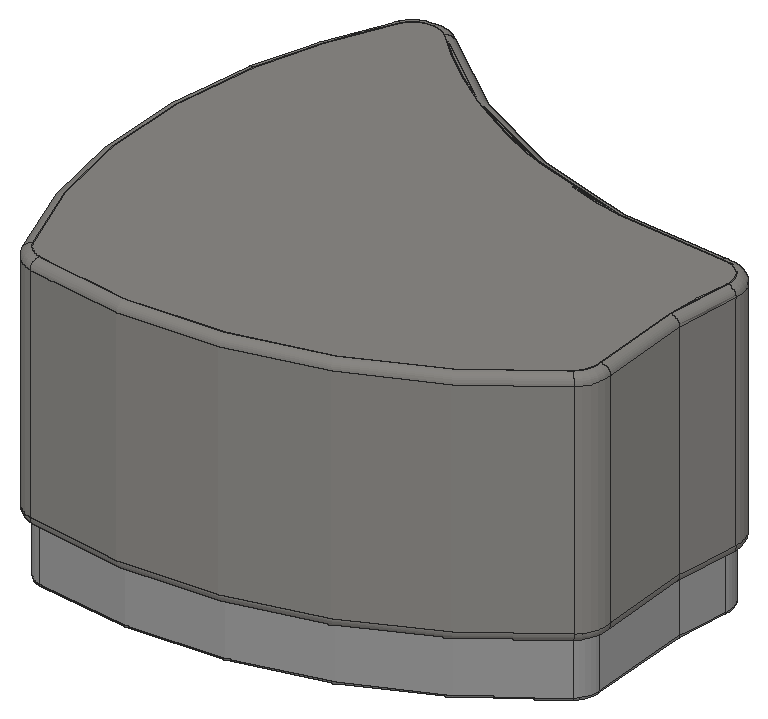
Revit family "900S Shapes", category Generic Models, Revit 2018
Family settings
  Can host rebar = No
  Round Connector Dimension = Use Diameter
  Part Type = Normal
  Work Plane-Based = No
  Always vertical = Yes
  Cut with Voids When Loaded = No
  Shared = No
  Room Calculation Point = No
Parameters
  Fabric = 900S Shapes Fabric
Reference planes (in)
  plane 1 "Center (Front/Back)": y = 0
  plane 2: z = 0
  plane 3 "Center (Left/Right)": x = 0
Forms (in)
  Revolve 1, solid, material "900S Shapes Gliders"
    sketch origin (0.00651, -9.29637, 0) x (1, 0, 0) y (0, 0, 1)
      loop
        arc (-7.96729, 0) -> (-7.62796, 0.14543) -> (-7.52516, 0.5) r 0.43167
        line (-7.52516, 0.5) -> (-7.96729, 0.5) -> (-7.96729, 0)
      axis (-7.96729, 0.5) -> (-7.96729, 0)
    angle from 0 to 360
  Revolve 2, solid, material "900S Shapes Gliders"
    sketch origin (21.48339, -3.49446, 0) x (1, 0, 0) y (0, 0, 1)
      loop
        arc (-7.96729, 0) -> (-7.62796, 0.14543) -> (-7.52516, 0.5) r 0.43167
        line (-7.52516, 0.5) -> (-7.96729, 0.5) -> (-7.96729, 0)
      axis (-7.96729, 0.5) -> (-7.96729, 0)
    angle from 0 to 360
  Revolve 3, solid, material "900S Shapes Gliders"
    sketch origin (21.38657, 4.59478, 0) x (1, 0, 0) y (0, 0, 1)
      loop
        arc (-7.96729, 0) -> (-7.62796, 0.14543) -> (-7.52516, 0.5) r 0.43167
        line (-7.52516, 0.5) -> (-7.96729, 0.5) -> (-7.96729, 0)
      axis (-7.96729, 0.5) -> (-7.96729, 0)
    angle from 0 to 360
  Revolve 4, solid, material "900S Shapes Gliders"
    sketch origin (0.00189, 12.3835, 0) x (1, 0, 0) y (0, 0, 1)
      loop
        arc (-7.96729, 0) -> (-7.62796, 0.14543) -> (-7.52516, 0.5) r 0.43167
        line (-7.52516, 0.5) -> (-7.96729, 0.5) -> (-7.96729, 0)
      axis (-7.96729, 0.5) -> (-7.96729, 0)
    angle from 0 to 360
  Extrusion 5, solid, material "900S Shapes Base"
    sketch origin (0, 0, 0) x (1, 0, 0) y (0, 1, 0)
      loop
        arc (-9.29589, 13.99086) -> (-10.7379, 10.67942) -> (-11.6992, 7.1979) r 25.58325
        arc (-11.6992, 7.1979) -> (-12.04307, -1.77809) -> (-9.53793, -10.40427) r 28.10984
        arc (-9.53793, -10.40427) -> (-9.17406, -10.85683) -> (-8.64513, -11.09651) r 1.2518
        arc (-8.64513, -11.09651) -> (3.93696, -10.63712) -> (15.0326, -4.68676) r 27.86619
        arc (15.0326, -4.68676) -> (15.3822, -4.16446) -> (15.44266, -3.53887) r 1.28652
        arc (15.44266, -3.53887) -> (15.14707, -0.67551) -> (15.12478, 2.20299) r 30.27405
        arc (15.12478, 2.20299) -> (15.22648, 3.61279) -> (15.38852, 5.01694) r 32.97082
        arc (15.38852, 5.01694) -> (15.09173, 6.09133) -> (14.0653, 6.52591) r 1.28027
        arc (14.0653, 6.52591) -> (2.59685, 8.26447) -> (-7.28528, 14.3383) r 29.14573
        arc (-7.28528, 14.3383) -> (-8.36718, 14.60782) -> (-9.29589, 13.99086) r 1.38185
    from 0.5 to 3.5
  Sweep 6, solid, material "900S Shapes Base"
    path origin (0, 0, 0) x (1, 0, 0) y (0, 1, 0)
      loop
        arc (14.0653, 6.52591) -> (2.59685, 8.26447) -> (-7.28528, 14.3383) r 29.14573
        arc (-7.28528, 14.3383) -> (-8.36718, 14.60782) -> (-9.29589, 13.99086) r 1.38185
        arc (-9.29589, 13.99086) -> (-10.7379, 10.67942) -> (-11.6992, 7.1979) r 25.58325
        arc (-11.6992, 7.1979) -> (-12.04307, -1.77809) -> (-9.53793, -10.40427) r 28.10984
        arc (-9.53793, -10.40427) -> (-9.17406, -10.85683) -> (-8.64513, -11.09651) r 1.2518
        arc (-8.64513, -11.09651) -> (3.93696, -10.63712) -> (15.0326, -4.68676) r 27.86619
        arc (15.0326, -4.68676) -> (15.3822, -4.16446) -> (15.44266, -3.53887) r 1.28652
        arc (15.44266, -3.53887) -> (15.14707, -0.67551) -> (15.12478, 2.20299) r 30.27405
        arc (15.12478, 2.20299) -> (15.22648, 3.61279) -> (15.38852, 5.01694) r 32.97082
        arc (15.38852, 5.01694) -> (15.09173, 6.09133) -> (14.0653, 6.52591) r 1.28027
    profile origin (2.59685, 8.26447, 0) x (-0.343628, -0.939106, 0) y (0, 0, 1)
      loop
        line (0, 0.49844) -> (0, 3.5) -> (-0.10156, 3.5) -> (-0.10156, 0.6)
        arc (-0.10156, 0.6) -> (-0.07182, 0.52818) -> (0, 0.49844) r 0.10156
  Extrusion 7, solid, material "900S Shapes Fabric" <- "Fabric"
    sketch origin (0, 0, 0) x (1, 0, 0) y (0, 1, 0)
      loop
        arc (-9.38389, 14.04177) -> (-10.80625, 10.70592) -> (-11.79877, 7.21795) r 28.84203
        arc (-11.79877, 7.21795) -> (-12.2145, -1.79914) -> (-9.62968, -10.44781) r 26.95285
        arc (-9.62968, -10.44781) -> (-9.23323, -10.93313) -> (-8.66445, -11.19622) r 1.39651
        arc (-8.66445, -11.19622) -> (3.99009, -10.8323) -> (15.09923, -4.76133) r 27.10654
        arc (15.09923, -4.76133) -> (15.47571, -4.19787) -> (15.54145, -3.52341) r 1.39173
        arc (15.54145, -3.52341) -> (15.26564, -0.95624) -> (15.20482, 1.62499) r 30.94222
        arc (15.20482, 1.62499) -> (15.29585, 3.383) -> (15.50457, 5.13095) r 26.23551
        arc (15.50457, 5.13095) -> (15.12237, 6.20728) -> (14.06024, 6.62735) r 1.38052
        arc (14.06024, 6.62735) -> (2.62959, 8.36063) -> (-7.2193, 14.41564) r 29.04417
        arc (-7.2193, 14.41564) -> (-8.39278, 14.75664) -> (-9.38389, 14.04177) r 1.39368
    from 3.5 to 16.5
  Sweep 8, solid, material "900S Shapes Fabric" <- "Fabric"
    path origin (0, 0, 0) x (1, 0, 0) y (0, 1, 0)
      loop
        arc (14.06024, 6.62735) -> (2.62959, 8.36063) -> (-7.2193, 14.41564) r 29.04417
        arc (-7.2193, 14.41564) -> (-8.39278, 14.75664) -> (-9.38389, 14.04177) r 1.39368
        arc (-9.38389, 14.04177) -> (-10.80625, 10.70592) -> (-11.79877, 7.21795) r 28.84203
        arc (-11.79877, 7.21795) -> (-12.2145, -1.79914) -> (-9.62968, -10.44781) r 26.95285
        arc (-9.62968, -10.44781) -> (-9.23323, -10.93313) -> (-8.66445, -11.19622) r 1.39651
        arc (-8.66445, -11.19622) -> (3.99009, -10.8323) -> (15.09923, -4.76133) r 27.10654
        arc (15.09923, -4.76133) -> (15.47571, -4.19787) -> (15.54145, -3.52341) r 1.39173
        arc (15.54145, -3.52341) -> (15.26564, -0.95624) -> (15.20482, 1.62499) r 30.94222
        arc (15.20482, 1.62499) -> (15.29585, 3.383) -> (15.50457, 5.13095) r 26.23551
        arc (15.50457, 5.13095) -> (15.12237, 6.20728) -> (14.06024, 6.62735) r 1.38052
    profile origin (2.62959, 8.36063, 0) x (-0.343702, -0.939079, 0) y (0, 0, 1)
      loop
        line (0, 3.5) -> (0, 16.5)
        arc (0, 16.5) -> (-0.35355, 16.35355) -> (-0.5, 16) r 0.5
        line (-0.5, 16) -> (-0.5, 4)
        arc (-0.5, 4) -> (-0.35355, 3.64645) -> (0, 3.5) r 0.5
Dimensions and locks (in)
  aligned and locked: plane 2 to level
